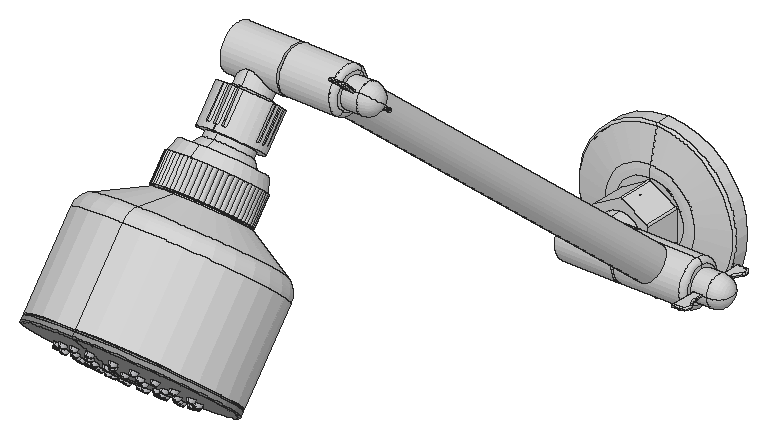
Revit family "Reece_Shower_Base_All Directional Shower", category Plumbing Fixtures, Revit 2018
Family settings
  Round Connector Dimension = Use Diameter
  Part Type = Normal
  Work Plane-Based = Yes
  Always vertical = Yes
  Cut with Voids When Loaded = Yes
  Shared = Yes
  Room Calculation Point = Yes
Parameters
  URL = "www.reece.com.au/product/-9504688"
  Type Comments = "Shower"
  Reece_Shower_Inlet = 15 mm  # constant formula
  Reece_Rotation [instance] = if(Reece_Showerhead_Rotation < 20.00°, 20.00°, if(Reece_Showerhead_Rotation > 180.00°, Reece_Showerhead_Rotation, Reece_Showerhead_Rotation))  # 130.00°
  Reece_Showerhead_Rotation [instance] = 130.00°
  Reece_Product_Web Page = "www.reece.com.au/product/-9504688"
  Reece_Product_Type = "Shower"  # constant formula
  Reece_Product_Sub Brand = "-"
  Reece_Product_Number = "9504688"
  Reece_Product_Mount = "Wall Mounted"
  Reece_Product_Description = "Base All Directional Shower Chrome (3 Star)"
  Reece_Product_Brand = "Base"  # constant formula
  Reece_Overall_Length = 226 mm  # constant formula
  Reece_Overall_Diameter = 78 mm  # constant formula
  Reece_Material_Secondary = Reece_Plastic_White
  Reece_Material_Main = Reece_Brass_Chrome
  Reece_Material_Colour = Reece_Plastic_ABS
  Reece_Height_From_Level [instance] = 1200 mm
  Reece_Detail_Shape = ""
  Reece_Detail_Installation = "Wall Mounted"  # constant formula
  Reece_Detail_Disclaimer = "THIS FILE IS THE PROPERTY OF THE REECE GROUP. IT MAY NOT BE REPRODUCED, REVERSE-ENGINEERED OR MODIFIED. ANY REPUBLICATION, TRANSMISSION OR DISTRIBUTION FOR THE PURPOSE OF COMMERCIALLY EXPLOITING THE FILES IS PROHIBITED."  # constant formula
  Reece_Detail_Additional = ""
  Model = "-"
  Manufacturer = "Base"
  Keynote = "Product #9504688, Reece_Shower_Base_All Directional Shower -  "
  Disclaimer = "THIS FILE IS THE PROPERTY OF THE REECE GROUP. IT MAY NOT BE REPRODUCED, REVERSE-ENGINEERED OR MODIFIED. ANY REPUBLICATION, TRANSMISSION OR DISTRIBUTION FOR THE PURPOSE OF COMMERCIALLY EXPLOITING THE FILES IS PROHIBITED."  # constant formula
  Description = "Base All Directional Shower Chrome (3 Star)"
  Default Elevation = 0 mm
Reference planes
  plane 1 "Center (Front/Back)": y = 0
  plane 2 "Height From Floor": z = 1200
  plane 3 "Center (Left/Right)": x = 0
  plane 4 "Bottom Of Invisible Line": z = -5
  plane 5 "Junction 1": y = -35
  plane 6 "Rail 1": x = 24
  plane 7 "Rail Rotation 3": y = -38
  plane 8: x = -38.984
  plane 9: x = 39.016
Forms (mm)
  Revolve 1, solid, material "Reece_Brass_Chrome" <- "Reece_Material_Main"
    sketch origin (0, 0, 0) x (0, 1, 0) y (0, 0, 1)
      loop
        line (0, 1207.25) -> (0, 1232.5) -> (-5.504, 1232.5)
        arc (-5.504, 1232.5) -> (-6.127, 1232.282) -> (-6.479, 1231.724) r 1
        line (-6.479, 1231.724) -> (-9.494, 1218.583)
        arc (-9.494, 1218.583) -> (-9.873, 1216.361) -> (-10, 1214.111) r 20
        line (-10, 1214.111) -> (-10, 1208.25) -> (-35, 1208.25) -> (-35, 1200) -> (-34, 1200) -> (-34, 1207.25) -> (-9, 1207.25) -> (-9, 1213.611)
        arc (-9, 1213.611) -> (-8.879, 1215.749) -> (-8.519, 1217.859) r 19
        line (-8.519, 1217.859) -> (-5.39, 1231.5) -> (-1, 1231.5) -> (-1, 1207.25) -> (0, 1207.25)
      axis (0, 1200) -> (-35, 1200)
    angle from 0 to 360
  Revolve 2, solid, material "Reece_Brass_Chrome" <- "Reece_Material_Main"
    sketch origin (24, -208.126, 1345.27) x (0, 0.766044, -0.642788) y (0, -0.642788, -0.766044)
      loop
        line (226, 0) -> (3, 0) -> (3, -7) -> (226, -7) -> (226, 0)
      axis (3, 0) -> (226, 0)
    angle from 0 to 360
  Revolve 3, solid, material "Reece_Brass_Chrome" <- "Reece_Material_Main"
    sketch origin (0, -208.126, 1345.27) x (0, -0.642788, -0.766044) y (0, 0.766044, -0.642788)
      loop
        line (0, -6) -> (0, -7) -> (12, -7) -> (13.092, -10) -> (13.092, -6) -> (0, -6)
      axis (0, 0) -> (13.092, 0)
    angle from 0 to 360
  Revolve 4, solid, material "Reece_Brass_Chrome" <- "Reece_Material_Main"
    sketch origin (-12, -35, 1200) x (1, 0, 0) y (0, 0, 1)
      loop
        line (0, 0) -> (53.516, 0) -> (53.516, 7.25)
        arc (53.516, 7.25) -> (52.93, 8.664) -> (51.516, 9.25) r 2
        line (51.516, 9.25) -> (24.4, 9.25) -> (24.4, 8.25) -> (23.432, 8.25) -> (23.432, 9.25) -> (0, 9.25) -> (0, 8.25) -> (1.186, 8.25) -> (1.186, 7.45) -> (0, 7.45) -> (0, 0)
      axis (0, 0) -> (53.516, 0)
    angle from 0 to 360
  Revolve 5, solid, material "Reece_Brass_Chrome" <- "Reece_Material_Main"
    sketch origin (24, -208.126, 1345.27) x (-1, 0, 0) y (0, 0.642788, 0.766044)
      loop
        line (36, 0) -> (36, 7.45) -> (34.814, 7.45) -> (34.814, 8.25) -> (36, 8.25) -> (36, 9.25) -> (12.568, 9.25) -> (12.568, 8.25) -> (11.6, 8.25) -> (11.6, 9.25) -> (-9, 9.25)
        arc (-9, 9.25) -> (-10.414, 8.664) -> (-11, 7.25) r 2
        line (-11, 7.25) -> (-11, 0) -> (36, 0)
      axis (36, 0) -> (-11, 0)
    angle from 0 to 360
  Revolve 6, solid, material "Reece_Brass_Chrome" <- "Reece_Material_Main"
    sketch origin (-12, -35, 1200) x (0, -1, 0) y (1, 0, 0)
      loop
        line (-6, 53.516) -> (0, 53.516) -> (0, 66.326)
        arc (0, 66.326) -> (-4.243, 64.568) -> (-6, 60.326) r 6
        line (-6, 60.326) -> (-6, 53.516)
      axis (0, 53.516) -> (0, 66.326)
    angle from 0 to 360
  Revolve 7, solid, material "Reece_Brass_Chrome" <- "Reece_Material_Main"
    sketch origin (24, -208.126, 1345.27) x (-1, 0, 0) y (0, -0.766044, 0.642788)
      loop
        line (-10.985, -6) -> (-10.985, 0) -> (-23.81, 0)
        arc (-23.81, 0) -> (-22.053, -4.243) -> (-17.81, -6) r 6
        line (-17.81, -6) -> (-10.985, -6)
      axis (-10.985, 0) -> (-23.81, 0)
    angle from 0 to 360
  Extrusion 8, solid, material "Reece_Brass_Chrome" <- "Reece_Material_Main"
    sketch origin (0, 0, 0) x (1, 0, 0) y (0, 0, 1)
      loop
        line (-0.5, 1212.911) -> (-10.932, 1206.889)
        arc (-10.932, 1206.889) -> (-11.298, 1206.523) -> (-11.432, 1206.023) r 1
        line (-11.432, 1206.023) -> (-11.432, 1193.977)
        arc (-11.432, 1193.977) -> (-11.298, 1193.477) -> (-10.932, 1193.111) r 1
        line (-10.932, 1193.111) -> (-0.5, 1187.089)
        arc (-0.5, 1187.089) -> (0, 1186.955) -> (0.5, 1187.089) r 1
        line (0.5, 1187.089) -> (10.932, 1193.111)
        arc (10.932, 1193.111) -> (11.298, 1193.477) -> (11.432, 1193.977) r 1
        line (11.432, 1193.977) -> (11.432, 1206.023)
        arc (11.432, 1206.023) -> (11.298, 1206.523) -> (10.932, 1206.889) r 1
        line (10.932, 1206.889) -> (0.5, 1212.911)
        arc (0.5, 1212.911) -> (0, 1213.045) -> (-0.5, 1212.911) r 1
      loop
        circle (0, 1200) r 8.25
    from 10 to 25
  Sweep 9, solid, material "Reece_Brass_Chrome" <- "Reece_Material_Main"
    path origin (-12, -35, 1200) x (0, -1, 0) y (1, 0, 0)
      loop
        line (17.188, 54.826) -> (16.99, 58.265)
        arc (16.99, 58.265) -> (15.924, 60.172) -> (13.766, 60.513) r 2.5
        arc (13.766, 60.513) -> (13.253, 60.292) -> (12.802, 59.962) r 2.5
        arc (12.802, 59.962) -> (11.234, 58.985) -> (9.419, 58.644) r 5
        line (9.419, 58.644) -> (-9.419, 58.644)
        arc (-9.419, 58.644) -> (-11.234, 58.985) -> (-12.802, 59.962) r 5
        arc (-12.802, 59.962) -> (-13.253, 60.292) -> (-13.766, 60.513) r 2.5
        arc (-13.766, 60.513) -> (-15.924, 60.172) -> (-16.99, 58.265) r 2.5
        line (-16.99, 58.265) -> (-17.188, 54.826) -> (17.188, 54.826)
    profile origin (42.826, -35, 1200) x (-1, 0, 0) y (0, 0, 1)
      loop
        line (-0.5, 0.5) -> (-1.332, 0.5) -> (-1.332, -0.5) -> (-0.5, -0.5)
        arc (-0.5, -0.5) -> (-0.146, -0.354) -> (0, 0) r 0.5
        arc (0, 0) -> (-0.146, 0.354) -> (-0.5, 0.5) r 0.5
  Extrusion 10, solid, material "Reece_Brass_Chrome" <- "Reece_Material_Main"
    sketch origin (-12, -35, 1200) x (0, -1, 0) y (-1, 0, 0)
      loop
        line (-16.307, -55.657) -> (-16.122, -58.152)
        arc (-16.122, -58.152) -> (-15.117, -59.449) -> (-13.515, -59.095) r 1.534
        arc (-13.515, -59.095) -> (-12.88, -58.573) -> (-12.18, -58.142) r 6.013
        line (-12.18, -58.142) -> (12.18, -58.142)
        arc (12.18, -58.142) -> (12.88, -58.573) -> (13.515, -59.095) r 6.013
        arc (13.515, -59.095) -> (15.117, -59.449) -> (16.122, -58.152) r 1.534
        line (16.122, -58.152) -> (16.307, -55.657) -> (-16.307, -55.657)
    from -0.5 to 0.5
  Sweep 11, solid, material "Reece_Brass_Chrome" <- "Reece_Material_Main"
    path origin (24, -208.126, 1345.27) x (-1, 0, 0) y (0, -0.766044, 0.642788)
      loop
        line (-12.295, 17.188) -> (-15.735, 16.99)
        arc (-15.735, 16.99) -> (-17.641, 15.924) -> (-17.983, 13.766) r 2.5
        arc (-17.983, 13.766) -> (-17.761, 13.253) -> (-17.432, 12.802) r 2.5
        arc (-17.432, 12.802) -> (-16.454, 11.234) -> (-16.113, 9.419) r 5
        line (-16.113, 9.419) -> (-16.113, -9.419)
        arc (-16.113, -9.419) -> (-16.454, -11.234) -> (-17.432, -12.802) r 5
        arc (-17.432, -12.802) -> (-17.761, -13.253) -> (-17.983, -13.766) r 2.5
        arc (-17.983, -13.766) -> (-17.641, -15.924) -> (-15.735, -16.99) r 2.5
        line (-15.735, -16.99) -> (-12.295, -17.188) -> (-12.295, 17.188)
    profile origin (36.295, -208.126, 1345.27) x (-1, 0, 0) y (0, 0.642788, 0.766044)
      loop
        line (-0.5, 0.5) -> (-1.332, 0.5) -> (-1.332, -0.5) -> (-0.5, -0.5)
        arc (-0.5, -0.5) -> (-0.146, -0.354) -> (0, 0) r 0.5
        arc (0, 0) -> (-0.146, 0.354) -> (-0.5, 0.5) r 0.5
  Extrusion 12, solid, material "Reece_Brass_Chrome" <- "Reece_Material_Main"
    sketch origin (24, -208.126, 1345.27) x (-1, 0, 0) y (0, -0.766044, 0.642788)
      loop
        line (-13.126, -16.307) -> (-13.126, 16.307) -> (-15.621, 16.122)
        arc (-15.621, 16.122) -> (-16.918, 15.117) -> (-16.564, 13.515) r 1.534
        arc (-16.564, 13.515) -> (-16.042, 12.88) -> (-15.612, 12.18) r 6.013
        line (-15.612, 12.18) -> (-15.612, -12.18)
        arc (-15.612, -12.18) -> (-16.042, -12.88) -> (-16.564, -13.515) r 6.013
        arc (-16.564, -13.515) -> (-16.918, -15.117) -> (-15.621, -16.122) r 1.534
        line (-15.621, -16.122) -> (-13.126, -16.307)
    from -0.5 to 0.5
Cuts and joins
  joined: Revolve 1, Revolve 2, Revolve 3, Revolve 4, Revolve 5, Extrusion 8
  joined: Revolve 6, Sweep 9, Extrusion 10
  joined: Revolve 7, Sweep 11, Extrusion 12
Lines and regions (mm)
  model lines, style "InvisibleLines"
    curve 1: line (0, 0, -5) -> (0, 0, 1200)
  reference lines
    curve 2: line (24, -208.126, 1345.27) -> (24, -35, 1200)
    curve 3: line (24, -208.126, 1345.27) -> (0, -208.126, 1345.27)
    curve 4: line (0, -208.126, 1345.27) -> (0, -218.47, 1332.943)
    curve 5: line (-12, -35, 1200) -> (41.516, -35, 1200)
Text (mm)
  text "Reece ©" at (2710.588, -2573.207, 2733.017), in view "Reece Preview"
  text "Reece Copyright © 2018, Reece Ltd." at (-211.989, -281.821, 0), in view "Ref. Level"
Dimensions and locks
  locked: level to plane 4 "Bottom Of Invisible Line" at 5
  curve 5 to curve 4 = 226 mm  (x2)
  "Reece_Overall_Diameter": plane 8 to plane 9
  "Reece_Height_From_Level": plane 2 "Height From Floor" to level
  level to plane 2 "Height From Floor" = 1200 mm
  plane 2 "Height From Floor" to level = 1200 mm
  "Reece_Overall_Diameter": plane 9 to plane 8
  nested 1 to nested 1 = 101.232 mm
  nested 1 to nested 1 = 77.969 mm  (x2)
  cut or joined group of Revolve 1, Revolve 2, Revolve 3, Revolve 4, Revolve 5, Extrusion 8 to nested 1 = 101.232 mm
  "Reece_Rotation": angle plane 7 "Rail Rotation 3" to curve 2
  aligned and locked: plane 2 "Height From Floor" to curve 1
  aligned and locked: plane 4 "Bottom Of Invisible Line" to curve 1
  aligned and locked: plane 3 "Center (Left/Right)" to curve 1
  aligned and locked: Revolve 1 sketch curve to plane 2 "Height From Floor"
Automatic sketch dimensions
  Revolve 1 sketch curve to plane 2 "Height From Floor" = 0 mm
  Revolve 1 sketch curve to plane 5 "Junction 1" = 0 mm
  Revolve 1 sketch curve to plane 1 "Center (Front/Back)" = 0 mm
  Revolve 1 sketch curve to plane 5 "Junction 1" = 1 mm
  plane 1 "Center (Front/Back)" to Revolve 1 sketch curve = 10 mm
  Revolve 1 sketch curve to Revolve 1 sketch curve = 0.506 mm
  Revolve 1 sketch curve to Revolve 1 sketch curve = 1 mm  (x2)
  Revolve 1 sketch curve to Revolve 1 sketch curve = 0.975 mm  (x2)
  plane 1 "Center (Front/Back)" to Revolve 1 sketch curve = 6.479 mm
  Revolve 1 sketch curve to Revolve 1 sketch curve = 0.115 mm
  plane 1 "Center (Front/Back)" to Revolve 1 sketch curve = 1 mm
  Revolve 1 sketch curve to plane 1 "Center (Front/Back)" = 10 mm
  Revolve 1 sketch curve to Revolve 1 sketch curve = 0 mm  (x2)
  plane 2 "Height From Floor" to Revolve 1 sketch curve = 7.25 mm  (x2)
  Revolve 1 sketch curve to Revolve 1 sketch curve = 6.361 mm
  Revolve 1 sketch curve to Revolve 1 sketch curve = 0.5 mm
  Revolve 1 sketch curve to Revolve 1 sketch curve = 12.917 mm
  Revolve 1 sketch curve to Revolve 1 sketch curve = 0.224 mm
  Revolve 1 sketch curve to Revolve 1 sketch curve = 130 mm
  Revolve 2 sketch curve to curve 2 = 0 mm  (x4)
  Revolve 2 sketch curve to curve 2 = 7 mm
  curve 2 to Revolve 2 sketch curve = 3 mm
  curve 2 to Revolve 2 sketch curve = 17.5 mm
  curve 3 to curve 2 = 0 mm  (x2)
  curve 2 to curve 3 = 24 mm
  curve 5 to plane 2 "Height From Floor" = 0 mm
  plane 9 to curve 5 = 2.5 mm
  curve 5 to plane 3 "Center (Left/Right)" = 12 mm
  curve 4 to curve 3 = 0 mm  (x2)
  curve 4 to curve 3 = 16.092 mm
  Revolve 3 sketch curve to curve 4 = 0 mm  (x3)
  Revolve 3 sketch curve to curve 4 = 7 mm
  Revolve 3 sketch curve to curve 4 = 6 mm
  Revolve 3 sketch curve to curve 4 = 4.092 mm
  Revolve 3 sketch curve to Revolve 3 sketch curve = 1.092 mm
  Revolve 3 sketch curve to curve 4 = 10 mm
  Revolve 3 sketch curve to curve 4 = 5 mm
  Revolve 4 sketch curve to curve 5 = 0 mm  (x5)
  curve 5 to Revolve 4 sketch curve = 7.25 mm
  curve 5 to Revolve 4 sketch curve = 7.45 mm
  curve 5 to Revolve 4 sketch curve = 8.25 mm
  curve 5 to Revolve 4 sketch curve = 9.25 mm
  curve 5 to Revolve 4 sketch curve = 1.186 mm
  Revolve 4 sketch curve to Revolve 4 sketch curve = 22.245 mm
  Revolve 4 sketch curve to Revolve 4 sketch curve = 0.968 mm
  Revolve 4 sketch curve to curve 5 = 2 mm
  Revolve 4 sketch curve to Revolve 4 sketch curve = 1 mm
  Revolve 4 sketch curve to Revolve 4 sketch curve = 3 mm
  curve 5 to Revolve 4 sketch curve = 5 mm
  curve 3 to Revolve 5 sketch curve = 0 mm  (x2)
  Revolve 5 sketch curve to curve 3 = 11 mm
  Revolve 5 sketch curve to Revolve 5 sketch curve = 2 mm
  curve 3 to Revolve 5 sketch curve = 11.6 mm
  Revolve 5 sketch curve to Revolve 5 sketch curve = 0.968 mm
  curve 3 to Revolve 5 sketch curve = 10.814 mm
  Revolve 5 sketch curve to Revolve 5 sketch curve = 1.186 mm
  Revolve 5 sketch curve to Revolve 5 sketch curve = 0 mm  (x2)
  Revolve 5 sketch curve to curve 3 = 7.25 mm
  Revolve 5 sketch curve to curve 3 = 7.45 mm
  Revolve 5 sketch curve to Revolve 5 sketch curve = 0.8 mm
  Revolve 5 sketch curve to Revolve 5 sketch curve = 1 mm
  Revolve 5 sketch curve to Revolve 5 sketch curve = 5 mm
  Revolve 5 sketch curve to Revolve 5 sketch curve = 3 mm
  Revolve 6 sketch curve to curve 5 = 6 mm
  curve 5 to Revolve 6 sketch curve = 0 mm  (x2)
  Revolve 6 sketch curve to curve 5 = 0 mm
  curve 5 to Revolve 6 sketch curve = 6.81 mm
  curve 5 to Revolve 6 sketch curve = 1.186 mm
  Revolve 6 sketch curve to Revolve 6 sketch curve = 0 mm
  curve 3 to Revolve 7 sketch curve = 0 mm  (x2)
  Revolve 7 sketch curve to curve 3 = 23.81 mm
  Revolve 7 sketch curve to Revolve 7 sketch curve = 6 mm
  Revolve 7 sketch curve to Revolve 7 sketch curve = 6.825 mm
  Revolve 7 sketch curve to Revolve 7 sketch curve = 0 mm
  curve 3 to Revolve 7 sketch curve = 10.814 mm
  Extrusion 8 sketch curve to Extrusion 8 sketch curve = 0 mm  (x2)
  Extrusion 8 sketch curve to plane 3 "Center (Left/Right)" = 0 mm  (x3)
  Extrusion 8 sketch curve to plane 2 "Height From Floor" = 0 mm
  Extrusion 8 sketch curve to plane 3 "Center (Left/Right)" = 0.5 mm  (x2)
  Extrusion 8 sketch curve to plane 3 "Center (Left/Right)" = 10.432 mm  (x2)
  plane 2 "Height From Floor" to Extrusion 8 sketch curve = 6.889 mm  (x2)
  Extrusion 8 sketch curve to Extrusion 8 sketch curve = 0.5 mm  (x5)
  Extrusion 8 sketch curve to plane 2 "Height From Floor" = 6.889 mm  (x2)
  plane 3 "Center (Left/Right)" to Extrusion 8 sketch curve = 0.5 mm  (x2)
  plane 3 "Center (Left/Right)" to Extrusion 8 sketch curve = 10.432 mm  (x2)
  Extrusion 8 sketch curve to Extrusion 8 sketch curve = 1 mm
  Extrusion 8 sketch curve to plane 2 "Height From Floor" = 12.045 mm
  Extrusion 8 sketch curve to Extrusion 8 sketch curve = 0.866 mm  (x2)
  Extrusion 8 sketch curve to Extrusion 8 sketch curve = 6.023 mm
  Extrusion 8 sketch curve to Extrusion 8 sketch curve = 3.795 mm
  Sweep 9 sketch curve to Sweep 9 sketch curve = 0 mm  (x7)
  Sweep 9 sketch curve to curve 5 = 17.188 mm
  Sweep 9 sketch curve to Sweep 9 sketch curve = 0.198 mm
  Sweep 9 sketch curve to Sweep 9 sketch curve = 2.496 mm  (x2)
  Sweep 9 sketch curve to Sweep 9 sketch curve = 5.075 mm
  curve 5 to Sweep 9 sketch curve = 9.419 mm
  curve 5 to Sweep 9 sketch curve = 14.494 mm
  curve 5 to Sweep 9 sketch curve = 17.188 mm
  curve 5 to Sweep 9 sketch curve = 1.31 mm
  Sweep 9 sketch curve to Sweep 9 sketch curve = 3.296 mm  (x2)
  Sweep 9 sketch curve to Sweep 9 sketch curve = 0.144 mm  (x2)
  Sweep 9 sketch curve to Sweep 9 sketch curve = 0.522 mm
  Sweep 9 sketch curve to Sweep 9 sketch curve = 5 mm  (x2)
  Sweep 9 sketch curve to Sweep 9 sketch curve = 0.964 mm  (x2)
  Sweep 9 sketch curve to profile plane = 0 mm  (x2)
  profile plane to Sweep 9 sketch curve = 0.5 mm
  Sweep 9 sketch curve to Sweep 9 sketch curve = 0.832 mm
  Extrusion 10 sketch curve to curve 5 = 16.307 mm
  Extrusion 10 sketch curve to Extrusion 10 sketch curve = 0.184 mm
  Extrusion 10 sketch curve to Extrusion 10 sketch curve = 1.527 mm  (x2)
  Extrusion 10 sketch curve to Extrusion 10 sketch curve = 2.416 mm  (x2)
  Extrusion 10 sketch curve to Extrusion 10 sketch curve = 2.794 mm
  curve 5 to Extrusion 10 sketch curve = 9.386 mm
  curve 5 to Extrusion 10 sketch curve = 12.18 mm
  curve 5 to Extrusion 10 sketch curve = 16.307 mm
  curve 5 to Extrusion 10 sketch curve = 2.142 mm
  Extrusion 10 sketch curve to Extrusion 10 sketch curve = 2.35 mm  (x2)
  Extrusion 10 sketch curve to Extrusion 10 sketch curve = 0.135 mm
  Extrusion 10 sketch curve to Extrusion 10 sketch curve = 0.145 mm  (x2)
  Extrusion 10 sketch curve to Extrusion 10 sketch curve = 5.324 mm  (x2)
  Sweep 11 sketch curve to Sweep 11 sketch curve = 0 mm  (x8)
  Sweep 11 sketch curve to curve 3 = 9.419 mm
  Sweep 11 sketch curve to curve 3 = 21.113 mm
  Sweep 11 sketch curve to Sweep 11 sketch curve = 5 mm
  Sweep 11 sketch curve to Sweep 11 sketch curve = 0.379 mm  (x2)
  Sweep 11 sketch curve to Sweep 11 sketch curve = 0.144 mm  (x2)
  Sweep 11 sketch curve to Sweep 11 sketch curve = 3.44 mm
  curve 3 to Sweep 11 sketch curve = 9.419 mm
  Sweep 11 sketch curve to Sweep 11 sketch curve = 5.075 mm  (x2)
  Sweep 11 sketch curve to Sweep 11 sketch curve = 2.496 mm  (x2)
  Sweep 11 sketch curve to Sweep 11 sketch curve = 0.198 mm  (x2)
  Sweep 11 sketch curve to Sweep 11 sketch curve = 0.551 mm  (x2)
  profile plane to Sweep 11 sketch curve = 0 mm
  Sweep 11 sketch curve to profile plane = 0 mm
  profile plane to Sweep 11 sketch curve = 0.5 mm
  Sweep 11 sketch curve to Sweep 11 sketch curve = 0.832 mm
  Extrusion 12 sketch curve to curve 3 = 9.386 mm
  Extrusion 12 sketch curve to curve 3 = 20.936 mm
  curve 3 to Extrusion 12 sketch curve = 9.386 mm
  Extrusion 12 sketch curve to Extrusion 12 sketch curve = 0 mm
  Extrusion 12 sketch curve to Extrusion 12 sketch curve = 5.315 mm  (x2)
  Extrusion 12 sketch curve to Extrusion 12 sketch curve = 0.009 mm
  Extrusion 12 sketch curve to Extrusion 12 sketch curve = 0.145 mm  (x2)
  Extrusion 12 sketch curve to Extrusion 12 sketch curve = 2.494 mm
  Extrusion 12 sketch curve to Extrusion 12 sketch curve = 2.794 mm  (x2)
  Extrusion 12 sketch curve to Extrusion 12 sketch curve = 2.416 mm  (x2)
  Extrusion 12 sketch curve to Extrusion 12 sketch curve = 1.527 mm  (x2)
  Extrusion 12 sketch curve to Extrusion 12 sketch curve = 0.184 mm  (x2)
  plane 5 "Junction 1" to Revolve 1 sketch curve = 1842 mm
  curve 2 to plane 2 "Height From Floor" = 0 mm
  curve 2 to plane 5 "Junction 1" = 0 mm
Nested families
  nested 1: "Reece_Shower_Base_Overhead Shower_Nested" at (3.5, -213.86, 1332.991) x (0, -0.766, 0.6428) z (0, -0.6428, -0.766), Reece_Material_Secondary <- "Reece_Material_Secondary", Reece_Material_Main <- "Reece_Material_Main", Reece_Material_Colour <- "Reece_Material_Colour", type "Reece_Shower_Base_Overhead Shower_Nested"
    with Reece_Material_Secondary Reece_Plastic_White, Reece_Material_Main Reece_Brass_Chrome, Reece_Material_Colour Reece_Plastic_ABS
Connectors
  piping at (0, 0, 1200), diameter 15, driven by "Reece_Shower_Inlet"
    settings: on cut or joined group of Revolve 1, Revolve 2, Revolve 3, Revolve 4, Revolve 5, Extrusion 8, index 1, connector inside diameter 609.6 mm, connector length 0 mm, flow factor 0, pipe flow 0.0 L/s, pressure drop 0.0 Pa, fitting loss kfactor 0, connector angle 0.00°, fixture units 0, engagement length 0 mm, angle of deflection 0.00°, flow configuration 0, flow direction 1, fitting loss method 0, system type 29, joint type 0, gender type 0, connector reference index -1, connector utility 0, adjustable connector no, is connector primary yes, connector description ""
Definition of nested family "Reece_Shower_Base_Overhead Shower_Nested"
  Parameters (values of type "Reece_Shower_Base_Overhead Shower_Nested")
    Waste Connection = no
    WFU = 0
    Vent Connection = no
    URL = ""
    Type Comments = ""
    Reece_Material_Secondary [instance] = none
    Reece_Material_Main [instance] = none
    Reece_Material_Colour [instance] = none
    Model = ""
    Manufacturer = ""
    Keynote = ""
    HWFU = 0
    HW Connection = no
    Description = ""
    Default Elevation = 0 mm
    Cost = 0
    CWFU = 0
    CW Connection = no
    Assembly Code = ""
  Reference planes
    plane 1 "Center (Front/Back)": y = 3.5
    plane 2: z = 0
    plane 3 "Center (Left/Right)": x = 3.5
    plane 4: x = 42.484
    plane 5: y = 42.484
    plane 6: y = -35.484
    plane 7: x = -35.484
    plane 8: z = 101.232
  Forms (mm)
    Extrusion 1, solid
      sketch origin (619.2, 20, 0) x (1, 0, 0) y (0, 1, 0)
        loop
          line (-843.153, 203.827) -> (-843.153, -206.911) -> (-435.255, -206.911) -> (-435.255, 203.827) -> (-843.153, 203.827)
      from 0 to -35.776
    Revolve 2, solid, material <- "Reece_Material_Main"
      sketch origin (0, 3.5, 0) x (1, 0, 0) y (0, 0, 1)
        loop
          line (-8.799, 0) -> (3.5, 0) -> (3.5, 27.36) -> (-14.399, 27.361) -> (-12.599, 22.061) -> (-8.145, 22.061)
          arc (-8.145, 22.061) -> (-6.978, 20.144) -> (-5.499, 18.456) r 13
          line (-5.499, 18.456) -> (-5.499, 16.001) -> (-8.799, 16.001) -> (-8.799, 0)
        axis (3.5, 27.361) -> (3.5, 0)
      angle from 0 to 360
    Extrusion 3, void
      sketch origin (0, 3.5, 0) x (1, 0, 0) y (0, 0, 1)
        loop
          line (-0.732, 13.601) -> (-0.732, 0) -> (1.392, 0) -> (1.392, 13.601) -> (-0.732, 13.601)
        loop
          line (2.401, 13.601) -> (2.401, 0) -> (4.6, 0) -> (4.6, 13.601) -> (2.401, 13.601)
        loop
          line (5.609, 13.601) -> (5.609, 0) -> (7.629, 0) -> (7.629, 13.601) -> (5.609, 13.601)
      from 11.323 to 14.311
    Extrusion 4, void
      sketch origin (0, 3.5, 0) x (1, 0, 0) y (0, 0, -1)
        loop
          line (-0.732, -13.601) -> (1.392, -13.601) -> (1.392, 0) -> (-0.732, 0) -> (-0.732, -13.601)
        loop
          line (2.401, -13.601) -> (4.6, -13.601) -> (4.6, 0) -> (2.401, 0) -> (2.401, -13.601)
        loop
          line (5.609, -13.601) -> (7.629, -13.601) -> (7.629, 0) -> (5.609, 0) -> (5.609, -13.601)
      from 11.323 to 14.311
    Extrusion 5, void
      sketch origin (3.431, 6.948, 0) x (0, -1, 0) y (0, 0, 1)
        loop
          line (-0.732, 13.601) -> (-0.732, 0) -> (1.392, 0) -> (1.392, 13.601) -> (-0.732, 13.601)
        loop
          line (2.401, 13.601) -> (2.401, 0) -> (4.6, 0) -> (4.6, 13.601) -> (2.401, 13.601)
        loop
          line (5.609, 13.601) -> (5.609, 0) -> (7.629, 0) -> (7.629, 13.601) -> (5.609, 13.601)
      from 11.323 to 14.311
    Extrusion 6, void
      sketch origin (3.569, 6.948, 0) x (0, -1, 0) y (0, 0, -1)
        loop
          line (-0.732, -13.601) -> (1.392, -13.601) -> (1.392, 0) -> (-0.732, 0) -> (-0.732, -13.601)
        loop
          line (2.401, -13.601) -> (4.6, -13.601) -> (4.6, 0) -> (2.401, 0) -> (2.401, -13.601)
        loop
          line (5.609, -13.601) -> (7.629, -13.601) -> (7.629, 0) -> (5.609, 0) -> (5.609, -13.601)
      from 11.323 to 14.311
    Revolve 7, solid, material <- "Reece_Material_Main", detail levels coarse+medium
      sketch origin (0, 3.5, 0) x (1, 0, 0) y (0, 0, 1)
        loop
          line (-14.898, 27.361) -> (3.5, 27.361) -> (3.5, 39.361) -> (-14.898, 39.361) -> (-14.898, 27.361)
        axis (3.5, 39.361) -> (3.5, 27.361)
      angle from 0 to 360
    Revolve 8, solid, material <- "Reece_Material_Main"
      sketch origin (0, 3.5, 0) x (1, 0, 0) y (0, 0, 1)
        loop
          line (-15.024, 40.161) -> (-11.998, 40.161) -> (-11.998, 39.361) -> (3.5, 39.361) -> (3.5, 94.273) -> (-35.498, 94.273) -> (-35.498, 56.504)
          arc (-35.498, 56.504) -> (-34.417, 52.489) -> (-31.467, 49.559) r 7.998
          line (-31.467, 49.559) -> (-15.024, 40.161)
        axis (3.5, 94.273) -> (3.5, 39.361)
      angle from 0 to 360
    Extrusion 9, void
      sketch origin (0, 0, 0) x (1, 0, 0) y (0, 1, 0)
        loop
          circle (3.5, 3.5) r 6
        loop
          circle (3.5, 3.5) r 5.8
      from 100.253 to 109.069
    Blend 10, solid, material <- "Reece_Material_Secondary", detail levels fine
      base sketch origin (0, 0, 0) x (1, 0, 0) y (0, 1, 0)
        loop
          circle (-9.679, 3.5) r 1.757
      top sketch origin (0, 0, 0) x (1, 0, 0) y (0, 1, 0)
        loop
          circle (-9.679, 3.5) r 1.151
      from 99.387 to 101.232
    Extrusion 11, void
      sketch origin (0, 0, 0) x (1, 0, 0) y (0, 1, 0)
        loop
          circle (-9.679, 3.5) r 0.802
      from 101.037 to 102.133
    Blend 12, solid, material <- "Reece_Material_Secondary", detail levels fine
      base sketch origin (1.985, -6.252, 0) x (1, 0, 0) y (0, 1, 0)
        loop
          circle (-9.679, 3.5) r 1.757
      top sketch origin (1.985, -6.252, 0) x (1, 0, 0) y (0, 1, 0)
        loop
          circle (-9.679, 3.5) r 1.151
      from 99.387 to 101.232
    Extrusion 13, void
      sketch origin (1.985, -6.252, 0) x (1, 0, 0) y (0, 1, 0)
        loop
          circle (-9.679, 3.5) r 0.802
      from 101.037 to 102.133
    Blend 14, solid, material <- "Reece_Material_Secondary", detail levels fine
      base sketch origin (6.943, -11.131, 0) x (1, 0, 0) y (0, 1, 0)
        loop
          circle (-9.679, 3.5) r 1.757
      top sketch origin (6.943, -11.131, 0) x (1, 0, 0) y (0, 1, 0)
        loop
          circle (-9.679, 3.5) r 1.151
      from 99.387 to 101.232
    Extrusion 15, void
      sketch origin (6.943, -11.131, 0) x (1, 0, 0) y (0, 1, 0)
        loop
          circle (-9.679, 3.5) r 0.802
      from 101.037 to 102.133
    Blend 16, solid, material <- "Reece_Material_Secondary", detail levels fine
      base sketch origin (7, 0, 0) x (-1, 0, 0) y (0, -1, 0)
        loop
          circle (-9.679, -3.5) r 1.757
      top sketch origin (7, 0, 0) x (-1, 0, 0) y (0, -1, 0)
        loop
          circle (-9.679, -3.5) r 1.151
      from 99.387 to 101.232
    Extrusion 17, void
      sketch origin (7, 0, 0) x (-1, 0, 0) y (0, -1, 0)
        loop
          circle (-9.679, -3.5) r 0.802
      from 101.037 to 102.133
    Blend 18, solid, material <- "Reece_Material_Secondary", detail levels fine
      base sketch origin (5.015, -6.252, 0) x (-1, 0, 0) y (0, -1, 0)
        loop
          circle (-9.679, -3.5) r 1.757
      top sketch origin (5.015, -6.252, 0) x (-1, 0, 0) y (0, -1, 0)
        loop
          circle (-9.679, -3.5) r 1.151
      from 99.387 to 101.232
    Extrusion 19, void
      sketch origin (5.015, -6.252, 0) x (-1, 0, 0) y (0, -1, 0)
        loop
          circle (-9.679, -3.5) r 0.802
      from 101.037 to 102.133
    Blend 20, solid, material <- "Reece_Material_Secondary", detail levels fine
      base sketch origin (0.057, -11.131, 0) x (-1, 0, 0) y (0, -1, 0)
        loop
          circle (-9.679, -3.5) r 1.757
      top sketch origin (0.057, -11.131, 0) x (-1, 0, 0) y (0, -1, 0)
        loop
          circle (-9.679, -3.5) r 1.151
      from 99.387 to 101.232
    Extrusion 21, void
      sketch origin (0.057, -11.131, 0) x (-1, 0, 0) y (0, -1, 0)
        loop
          circle (-9.679, -3.5) r 0.802
      from 101.037 to 102.133
    Blend 22, solid, material <- "Reece_Material_Secondary", detail levels fine
      base sketch origin (5.015, 13.252, 0) x (-1, 0, 0) y (0, -1, 0)
        loop
          circle (-9.679, 3.5) r 1.757
      top sketch origin (5.015, 13.252, 0) x (-1, 0, 0) y (0, -1, 0)
        loop
          circle (-9.679, 3.5) r 1.151
      from 99.387 to 101.232
    Extrusion 23, void
      sketch origin (5.015, 13.252, 0) x (-1, 0, 0) y (0, -1, 0)
        loop
          circle (-9.679, 3.5) r 0.802
      from 101.037 to 102.133
    Blend 24, solid, material <- "Reece_Material_Secondary", detail levels fine
      base sketch origin (0.057, 18.131, 0) x (-1, 0, 0) y (0, -1, 0)
        loop
          circle (-9.679, 3.5) r 1.757
      top sketch origin (0.057, 18.131, 0) x (-1, 0, 0) y (0, -1, 0)
        loop
          circle (-9.679, 3.5) r 1.151
      from 99.387 to 101.232
    Extrusion 25, void
      sketch origin (0.057, 18.131, 0) x (-1, 0, 0) y (0, -1, 0)
        loop
          circle (-9.679, 3.5) r 0.802
      from 101.037 to 102.133
    Blend 26, solid, material <- "Reece_Material_Secondary", detail levels fine
      base sketch origin (1.985, 13.252, 0) x (1, 0, 0) y (0, 1, 0)
        loop
          circle (-9.679, -3.5) r 1.757
      top sketch origin (1.985, 13.252, 0) x (1, 0, 0) y (0, 1, 0)
        loop
          circle (-9.679, -3.5) r 1.151
      from 99.387 to 101.232
    Extrusion 27, void
      sketch origin (1.985, 13.252, 0) x (1, 0, 0) y (0, 1, 0)
        loop
          circle (-9.679, -3.5) r 0.802
      from 101.037 to 102.133
    Blend 28, solid, material <- "Reece_Material_Secondary", detail levels fine
      base sketch origin (6.943, 18.131, 0) x (1, 0, 0) y (0, 1, 0)
        loop
          circle (-9.679, -3.5) r 1.757
      top sketch origin (6.943, 18.131, 0) x (1, 0, 0) y (0, 1, 0)
        loop
          circle (-9.679, -3.5) r 1.151
      from 99.387 to 101.232
    Extrusion 29, void
      sketch origin (6.943, 18.131, 0) x (1, 0, 0) y (0, 1, 0)
        loop
          circle (-9.679, -3.5) r 0.802
      from 101.037 to 102.133
    Blend 30, solid, material <- "Reece_Material_Secondary", detail levels fine
      base sketch origin (13.182, -12.57, 0) x (1, 0, 0) y (0, 1, 0)
        loop
          circle (-9.679, 28.641) r 1.757
      top sketch origin (13.182, -12.57, 0) x (1, 0, 0) y (0, 1, 0)
        loop
          circle (-9.679, 28.641) r 1.151
      from 99.387 to 101.232
    Extrusion 31, void
      sketch origin (13.182, -12.57, 0) x (1, 0, 0) y (0, 1, 0)
        loop
          circle (-9.679, 28.641) r 0.802
      from 101.037 to 102.133
    Blend 32, solid, material <- "Reece_Material_Secondary", detail levels fine
      base sketch origin (13.182, 19.57, 0) x (1, 0, 0) y (0, 1, 0)
        loop
          circle (-9.679, -28.641) r 1.757
      top sketch origin (13.182, 19.57, 0) x (1, 0, 0) y (0, 1, 0)
        loop
          circle (-9.679, -28.641) r 1.151
      from 99.387 to 101.232
    Extrusion 33, void
      sketch origin (13.182, 19.57, 0) x (1, 0, 0) y (0, 1, 0)
        loop
          circle (-9.679, -28.641) r 0.802
      from 101.037 to 102.133
    Blend 34, solid, material <- "Reece_Material_Secondary", detail levels fine
      base sketch origin (12.96, -19.056, -0.979) x (1, 0, 0) y (0, 1, 0)
        loop
          circle (-9.679, -3.5) r 1.757
      top sketch origin (12.96, -19.056, -0.979) x (1, 0, 0) y (0, 1, 0)
        loop
          circle (-9.679, -3.5) r 1.151
      from 99.387 to 101.232
    Extrusion 35, void
      sketch origin (12.96, -19.056, -0.979) x (1, 0, 0) y (0, 1, 0)
        loop
          circle (-9.679, -3.5) r 0.802
      from 101.037 to 102.133
    Blend 36, solid, material <- "Reece_Material_Secondary", detail levels fine
      base sketch origin (13.253, 26.056, -0.979) x (1, 0, 0) y (0, 1, 0)
        loop
          circle (-9.679, 3.5) r 1.757
      top sketch origin (13.253, 26.056, -0.979) x (1, 0, 0) y (0, 1, 0)
        loop
          circle (-9.679, 3.5) r 1.151
      from 99.387 to 101.232
    Extrusion 37, void
      sketch origin (13.253, 26.056, -0.979) x (1, 0, 0) y (0, 1, 0)
        loop
          circle (-9.679, 3.5) r 0.802
      from 101.037 to 102.133
    Blend 38, solid, material <- "Reece_Material_Secondary", detail levels fine
      base sketch origin (4.91, 24.137, -0.979) x (1, 0, 0) y (0, 1, 0)
        loop
          circle (-9.679, 3.5) r 1.757
      top sketch origin (4.91, 24.137, -0.979) x (1, 0, 0) y (0, 1, 0)
        loop
          circle (-9.679, 3.5) r 1.151
      from 99.387 to 101.232
    Extrusion 39, void
      sketch origin (4.91, 24.137, -0.979) x (1, 0, 0) y (0, 1, 0)
        loop
          circle (-9.679, 3.5) r 0.802
      from 101.037 to 102.133
    Blend 40, solid, material <- "Reece_Material_Secondary", detail levels fine
      base sketch origin (-1.316, 20.098, -0.979) x (1, 0, 0) y (0, 1, 0)
        loop
          circle (-9.679, 3.5) r 1.757
      top sketch origin (-1.316, 20.098, -0.979) x (1, 0, 0) y (0, 1, 0)
        loop
          circle (-9.679, 3.5) r 1.151
      from 99.387 to 101.232
    Extrusion 41, void
      sketch origin (-1.316, 20.098, -0.979) x (1, 0, 0) y (0, 1, 0)
        loop
          circle (-9.679, 3.5) r 0.802
      from 101.037 to 102.133
    Blend 42, solid, material <- "Reece_Material_Secondary", detail levels fine
      base sketch origin (-6.729, 14.653, -0.979) x (1, 0, 0) y (0, 1, 0)
        loop
          circle (-9.679, 3.5) r 1.757
      top sketch origin (-6.729, 14.653, -0.979) x (1, 0, 0) y (0, 1, 0)
        loop
          circle (-9.679, 3.5) r 1.151
      from 99.387 to 101.232
    Extrusion 43, void
      sketch origin (-6.729, 14.653, -0.979) x (1, 0, 0) y (0, 1, 0)
        loop
          circle (-9.679, 3.5) r 0.802
      from 101.037 to 102.133
    Blend 44, solid, material <- "Reece_Material_Secondary", detail levels fine
      base sketch origin (-10.056, 8.086, -0.979) x (1, 0, 0) y (0, 1, 0)
        loop
          circle (-9.679, 3.5) r 1.757
      top sketch origin (-10.056, 8.086, -0.979) x (1, 0, 0) y (0, 1, 0)
        loop
          circle (-9.679, 3.5) r 1.151
      from 99.387 to 101.232
    Extrusion 45, void
      sketch origin (-10.056, 8.086, -0.979) x (1, 0, 0) y (0, 1, 0)
        loop
          circle (-9.679, 3.5) r 0.802
      from 101.037 to 102.133
    Blend 46, solid, material <- "Reece_Material_Secondary", detail levels fine
      base sketch origin (-11.832, 0.521, -0.979) x (1, 0, 0) y (0, 1, 0)
        loop
          circle (-9.679, 3.5) r 1.757
      top sketch origin (-11.832, 0.521, -0.979) x (1, 0, 0) y (0, 1, 0)
        loop
          circle (-9.679, 3.5) r 1.151
      from 99.387 to 101.232
    Extrusion 47, void
      sketch origin (-11.832, 0.521, -0.979) x (1, 0, 0) y (0, 1, 0)
        loop
          circle (-9.679, 3.5) r 0.802
      from 101.037 to 102.133
    Blend 48, solid, material <- "Reece_Material_Secondary", detail levels fine
      base sketch origin (2.09, 24.137, -0.979) x (-1, 0, 0) y (0, -1, 0)
        loop
          circle (-9.679, -3.5) r 1.757
      top sketch origin (2.09, 24.137, -0.979) x (-1, 0, 0) y (0, -1, 0)
        loop
          circle (-9.679, -3.5) r 1.151
      from 99.387 to 101.232
    Extrusion 49, void
      sketch origin (2.09, 24.137, -0.979) x (-1, 0, 0) y (0, -1, 0)
        loop
          circle (-9.679, -3.5) r 0.802
      from 101.037 to 102.133
    Blend 50, solid, material <- "Reece_Material_Secondary", detail levels fine
      base sketch origin (8.316, 20.098, -0.979) x (-1, 0, 0) y (0, -1, 0)
        loop
          circle (-9.679, -3.5) r 1.757
      top sketch origin (8.316, 20.098, -0.979) x (-1, 0, 0) y (0, -1, 0)
        loop
          circle (-9.679, -3.5) r 1.151
      from 99.387 to 101.232
    Extrusion 51, void
      sketch origin (8.316, 20.098, -0.979) x (-1, 0, 0) y (0, -1, 0)
        loop
          circle (-9.679, -3.5) r 0.802
      from 101.037 to 102.133
    Blend 52, solid, material <- "Reece_Material_Secondary", detail levels fine
      base sketch origin (13.729, 14.653, -0.979) x (-1, 0, 0) y (0, -1, 0)
        loop
          circle (-9.679, -3.5) r 1.757
      top sketch origin (13.729, 14.653, -0.979) x (-1, 0, 0) y (0, -1, 0)
        loop
          circle (-9.679, -3.5) r 1.151
      from 99.387 to 101.232
    Extrusion 53, void
      sketch origin (13.729, 14.653, -0.979) x (-1, 0, 0) y (0, -1, 0)
        loop
          circle (-9.679, -3.5) r 0.802
      from 101.037 to 102.133
    Blend 54, solid, material <- "Reece_Material_Secondary", detail levels fine
      base sketch origin (17.056, 8.086, -0.979) x (-1, 0, 0) y (0, -1, 0)
        loop
          circle (-9.679, -3.5) r 1.757
      top sketch origin (17.056, 8.086, -0.979) x (-1, 0, 0) y (0, -1, 0)
        loop
          circle (-9.679, -3.5) r 1.151
      from 99.387 to 101.232
    Extrusion 55, void
      sketch origin (17.056, 8.086, -0.979) x (-1, 0, 0) y (0, -1, 0)
        loop
          circle (-9.679, -3.5) r 0.802
      from 101.037 to 102.133
    Blend 56, solid, material <- "Reece_Material_Secondary", detail levels fine
      base sketch origin (18.832, 0.521, -0.979) x (-1, 0, 0) y (0, -1, 0)
        loop
          circle (-9.679, -3.5) r 1.757
      top sketch origin (18.832, 0.521, -0.979) x (-1, 0, 0) y (0, -1, 0)
        loop
          circle (-9.679, -3.5) r 1.151
      from 99.387 to 101.232
    Extrusion 57, void
      sketch origin (18.832, 0.521, -0.979) x (-1, 0, 0) y (0, -1, 0)
        loop
          circle (-9.679, -3.5) r 0.802
      from 101.037 to 102.133
    Blend 58, solid, material <- "Reece_Material_Secondary", detail levels fine
      base sketch origin (2.09, -17.137, -0.979) x (-1, 0, 0) y (0, -1, 0)
        loop
          circle (-9.679, 3.5) r 1.757
      top sketch origin (2.09, -17.137, -0.979) x (-1, 0, 0) y (0, -1, 0)
        loop
          circle (-9.679, 3.5) r 1.151
      from 99.387 to 101.232
    Extrusion 59, void
      sketch origin (2.09, -17.137, -0.979) x (-1, 0, 0) y (0, -1, 0)
        loop
          circle (-9.679, 3.5) r 0.802
      from 101.037 to 102.133
    Blend 60, solid, material <- "Reece_Material_Secondary", detail levels fine
      base sketch origin (8.316, -13.098, -0.979) x (-1, 0, 0) y (0, -1, 0)
        loop
          circle (-9.679, 3.5) r 1.757
      top sketch origin (8.316, -13.098, -0.979) x (-1, 0, 0) y (0, -1, 0)
        loop
          circle (-9.679, 3.5) r 1.151
      from 99.387 to 101.232
    Extrusion 61, void
      sketch origin (8.316, -13.098, -0.979) x (-1, 0, 0) y (0, -1, 0)
        loop
          circle (-9.679, 3.5) r 0.802
      from 101.037 to 102.133
    Blend 62, solid, material <- "Reece_Material_Secondary", detail levels fine
      base sketch origin (13.729, -7.653, -0.979) x (-1, 0, 0) y (0, -1, 0)
        loop
          circle (-9.679, 3.5) r 1.757
      top sketch origin (13.729, -7.653, -0.979) x (-1, 0, 0) y (0, -1, 0)
        loop
          circle (-9.679, 3.5) r 1.151
      from 99.387 to 101.232
    Extrusion 63, void
      sketch origin (13.729, -7.653, -0.979) x (-1, 0, 0) y (0, -1, 0)
        loop
          circle (-9.679, 3.5) r 0.802
      from 101.037 to 102.133
    Blend 64, solid, material <- "Reece_Material_Secondary", detail levels fine
      base sketch origin (17.056, -1.086, -0.979) x (-1, 0, 0) y (0, -1, 0)
        loop
          circle (-9.679, 3.5) r 1.757
      top sketch origin (17.056, -1.086, -0.979) x (-1, 0, 0) y (0, -1, 0)
        loop
          circle (-9.679, 3.5) r 1.151
      from 99.387 to 101.232
    Extrusion 65, void
      sketch origin (17.056, -1.086, -0.979) x (-1, 0, 0) y (0, -1, 0)
        loop
          circle (-9.679, 3.5) r 0.802
      from 101.037 to 102.133
    Blend 66, solid, material <- "Reece_Material_Secondary", detail levels fine
      base sketch origin (4.91, -17.137, -0.979) x (1, 0, 0) y (0, 1, 0)
        loop
          circle (-9.679, -3.5) r 1.757
      top sketch origin (4.91, -17.137, -0.979) x (1, 0, 0) y (0, 1, 0)
        loop
          circle (-9.679, -3.5) r 1.151
      from 99.387 to 101.232
    Extrusion 67, void
      sketch origin (4.91, -17.137, -0.979) x (1, 0, 0) y (0, 1, 0)
        loop
          circle (-9.679, -3.5) r 0.802
      from 101.037 to 102.133
    Blend 68, solid, material <- "Reece_Material_Secondary", detail levels fine
      base sketch origin (-1.316, -13.098, -0.979) x (1, 0, 0) y (0, 1, 0)
        loop
          circle (-9.679, -3.5) r 1.757
      top sketch origin (-1.316, -13.098, -0.979) x (1, 0, 0) y (0, 1, 0)
        loop
          circle (-9.679, -3.5) r 1.151
      from 99.387 to 101.232
    Extrusion 69, void
      sketch origin (-1.316, -13.098, -0.979) x (1, 0, 0) y (0, 1, 0)
        loop
          circle (-9.679, -3.5) r 0.802
      from 101.037 to 102.133
    Blend 70, solid, material <- "Reece_Material_Secondary", detail levels fine
      base sketch origin (-6.729, -7.653, -0.979) x (1, 0, 0) y (0, 1, 0)
        loop
          circle (-9.679, -3.5) r 1.757
      top sketch origin (-6.729, -7.653, -0.979) x (1, 0, 0) y (0, 1, 0)
        loop
          circle (-9.679, -3.5) r 1.151
      from 99.387 to 101.232
    Extrusion 71, void
      sketch origin (-6.729, -7.653, -0.979) x (1, 0, 0) y (0, 1, 0)
        loop
          circle (-9.679, -3.5) r 0.802
      from 101.037 to 102.133
    Blend 72, solid, material <- "Reece_Material_Secondary", detail levels fine
      base sketch origin (-10.056, -1.086, -0.979) x (1, 0, 0) y (0, 1, 0)
        loop
          circle (-9.679, -3.5) r 1.757
      top sketch origin (-10.056, -1.086, -0.979) x (1, 0, 0) y (0, 1, 0)
        loop
          circle (-9.679, -3.5) r 1.151
      from 99.387 to 101.232
    Extrusion 73, void
      sketch origin (-10.056, -1.086, -0.979) x (1, 0, 0) y (0, 1, 0)
        loop
          circle (-9.679, -3.5) r 0.802
      from 101.037 to 102.133
    Blend 74, solid, material <- "Reece_Material_Secondary", detail levels fine
      base sketch origin (-4.26, 11.89, -0.443) x (1, 0, 0) y (0, 1, 0)
        loop
          circle (-9.679, -3.5) r 1.757
      top sketch origin (-4.26, 11.89, -0.443) x (1, 0, 0) y (0, 1, 0)
        loop
          circle (-9.679, -3.5) r 1.151
      from 99.387 to 101.232
    Extrusion 75, void
      sketch origin (-4.26, 11.89, -0.443) x (1, 0, 0) y (0, 1, 0)
        loop
          circle (-9.679, -3.5) r 0.802
      from 101.037 to 102.133
    Blend 76, solid, material <- "Reece_Material_Secondary", detail levels fine
      base sketch origin (0.155, 20.422, -0.443) x (1, 0, 0) y (0, -1, 0)
        loop
          circle (-9.679, 3.5) r 1.757
      top sketch origin (0.155, 20.422, -0.443) x (1, 0, 0) y (0, -1, 0)
        loop
          circle (-9.679, 3.5) r 1.151
      from 99.387 to 101.232
    Extrusion 77, void
      sketch origin (0.155, 20.422, -0.443) x (1, 0, 0) y (0, -1, 0)
        loop
          circle (-9.679, 3.5) r 0.802
      from 101.037 to 102.133
    Blend 78, solid, material <- "Reece_Material_Secondary", detail levels fine
      base sketch origin (8.966, 25.115, -0.443) x (1, 0, 0) y (0, -1, 0)
        loop
          circle (-9.679, 3.5) r 1.757
      top sketch origin (8.966, 25.115, -0.443) x (1, 0, 0) y (0, -1, 0)
        loop
          circle (-9.679, 3.5) r 1.151
      from 99.387 to 101.232
    Extrusion 79, void
      sketch origin (8.966, 25.115, -0.443) x (1, 0, 0) y (0, -1, 0)
        loop
          circle (-9.679, 3.5) r 0.802
      from 101.037 to 102.133
    Blend 80, solid, material <- "Reece_Material_Secondary", detail levels fine
      base sketch origin (11.26, 11.89, -0.443) x (-1, 0, 0) y (0, -1, 0)
        loop
          circle (-9.679, 3.5) r 1.757
      top sketch origin (11.26, 11.89, -0.443) x (-1, 0, 0) y (0, -1, 0)
        loop
          circle (-9.679, 3.5) r 1.151
      from 99.387 to 101.232
    Extrusion 81, void
      sketch origin (11.26, 11.89, -0.443) x (-1, 0, 0) y (0, -1, 0)
        loop
          circle (-9.679, 3.5) r 0.802
      from 101.037 to 102.133
    Blend 82, solid, material <- "Reece_Material_Secondary", detail levels fine
      base sketch origin (6.845, 20.422, -0.443) x (-1, 0, 0) y (0, -1, 0)
        loop
          circle (-9.679, 3.5) r 1.757
      top sketch origin (6.845, 20.422, -0.443) x (-1, 0, 0) y (0, -1, 0)
        loop
          circle (-9.679, 3.5) r 1.151
      from 99.387 to 101.232
    Extrusion 83, void
      sketch origin (6.845, 20.422, -0.443) x (-1, 0, 0) y (0, -1, 0)
        loop
          circle (-9.679, 3.5) r 0.802
      from 101.037 to 102.133
    Blend 84, solid, material <- "Reece_Material_Secondary", detail levels fine
      base sketch origin (-1.966, 25.115, -0.443) x (-1, 0, 0) y (0, -1, 0)
        loop
          circle (-9.679, 3.5) r 1.757
      top sketch origin (-1.966, 25.115, -0.443) x (-1, 0, 0) y (0, -1, 0)
        loop
          circle (-9.679, 3.5) r 1.151
      from 99.387 to 101.232
    Extrusion 85, void
      sketch origin (-1.966, 25.115, -0.443) x (-1, 0, 0) y (0, -1, 0)
        loop
          circle (-9.679, 3.5) r 0.802
      from 101.037 to 102.133
    Blend 86, solid, material <- "Reece_Material_Secondary", detail levels fine
      base sketch origin (11.26, -4.89, -0.443) x (-1, 0, 0) y (0, -1, 0)
        loop
          circle (-9.679, -3.5) r 1.757
      top sketch origin (11.26, -4.89, -0.443) x (-1, 0, 0) y (0, -1, 0)
        loop
          circle (-9.679, -3.5) r 1.151
      from 99.387 to 101.232
    Extrusion 87, void
      sketch origin (11.26, -4.89, -0.443) x (-1, 0, 0) y (0, -1, 0)
        loop
          circle (-9.679, -3.5) r 0.802
      from 101.037 to 102.133
    Blend 88, solid, material <- "Reece_Material_Secondary", detail levels fine
      base sketch origin (6.845, -13.422, -0.443) x (-1, 0, 0) y (0, -1, 0)
        loop
          circle (-9.679, -3.5) r 1.757
      top sketch origin (6.845, -13.422, -0.443) x (-1, 0, 0) y (0, -1, 0)
        loop
          circle (-9.679, -3.5) r 1.151
      from 99.387 to 101.232
    Extrusion 89, void
      sketch origin (6.845, -13.422, -0.443) x (-1, 0, 0) y (0, -1, 0)
        loop
          circle (-9.679, -3.5) r 0.802
      from 101.037 to 102.133
    Blend 90, solid, material <- "Reece_Material_Secondary", detail levels fine
      base sketch origin (-1.966, -18.115, -0.443) x (-1, 0, 0) y (0, -1, 0)
        loop
          circle (-9.679, -3.5) r 1.757
      top sketch origin (-1.966, -18.115, -0.443) x (-1, 0, 0) y (0, -1, 0)
        loop
          circle (-9.679, -3.5) r 1.151
      from 99.387 to 101.232
    Extrusion 91, void
      sketch origin (-1.966, -18.115, -0.443) x (-1, 0, 0) y (0, -1, 0)
        loop
          circle (-9.679, -3.5) r 0.802
      from 101.037 to 102.133
    Blend 92, solid, material <- "Reece_Material_Secondary", detail levels fine
      base sketch origin (-4.26, -4.89, -0.443) x (1, 0, 0) y (0, 1, 0)
        loop
          circle (-9.679, 3.5) r 1.757
      top sketch origin (-4.26, -4.89, -0.443) x (1, 0, 0) y (0, 1, 0)
        loop
          circle (-9.679, 3.5) r 1.151
      from 99.387 to 101.232
    Extrusion 93, void
      sketch origin (-4.26, -4.89, -0.443) x (1, 0, 0) y (0, 1, 0)
        loop
          circle (-9.679, 3.5) r 0.802
      from 101.037 to 102.133
    Blend 94, solid, material <- "Reece_Material_Secondary", detail levels fine
      base sketch origin (0.155, -13.422, -0.443) x (1, 0, 0) y (0, 1, 0)
        loop
          circle (-9.679, 3.5) r 1.757
      top sketch origin (0.155, -13.422, -0.443) x (1, 0, 0) y (0, 1, 0)
        loop
          circle (-9.679, 3.5) r 1.151
      from 99.387 to 101.232
    Extrusion 95, void
      sketch origin (0.155, -13.422, -0.443) x (1, 0, 0) y (0, 1, 0)
        loop
          circle (-9.679, 3.5) r 0.802
      from 101.037 to 102.133
    Blend 96, solid, material <- "Reece_Material_Secondary", detail levels fine
      base sketch origin (8.966, -18.115, -0.443) x (1, 0, 0) y (0, 1, 0)
        loop
          circle (-9.679, 3.5) r 1.757
      top sketch origin (8.966, -18.115, -0.443) x (1, 0, 0) y (0, 1, 0)
        loop
          circle (-9.679, 3.5) r 1.151
      from 99.387 to 101.232
    Extrusion 97, void
      sketch origin (8.966, -18.115, -0.443) x (1, 0, 0) y (0, 1, 0)
        loop
          circle (-9.679, 3.5) r 0.802
      from 101.037 to 102.133
    Extrusion 98, solid, material <- "Reece_Material_Main", detail levels fine
      sketch origin (0, 0, 0) x (1, 0, 0) y (0, 1, 0)
        loop
          arc (0.735, -13.777) -> (1.549, -14.797) -> (2.557, -13.969) r 0.916
          arc (2.557, -13.969) -> (3.472, -14.897) -> (4.388, -13.969) r 0.916
          arc (4.388, -13.969) -> (5.396, -14.797) -> (6.209, -13.777) r 0.916
          arc (6.209, -13.777) -> (7.298, -14.495) -> (8, -13.397) r 0.916
          arc (8, -13.397) -> (9.158, -13.997) -> (9.742, -12.831) r 0.916
          arc (9.742, -12.831) -> (10.956, -13.307) -> (11.415, -12.086) r 0.916
          arc (11.415, -12.086) -> (12.672, -12.432) -> (13.001, -11.17) r 0.916
          arc (13.001, -11.17) -> (14.287, -11.383) -> (14.482, -10.094) r 0.916
          arc (14.482, -10.094) -> (15.784, -10.171) -> (15.843, -8.869) r 0.916
          arc (15.843, -8.869) -> (17.146, -8.809) -> (17.069, -7.508) r 0.916
          arc (17.069, -7.508) -> (18.358, -7.313) -> (18.145, -6.026) r 0.916
          arc (18.145, -6.026) -> (19.407, -5.697) -> (19.061, -4.44) r 0.916
          arc (19.061, -4.44) -> (20.281, -3.981) -> (19.806, -2.767) r 0.916
          arc (19.806, -2.767) -> (20.972, -2.183) -> (20.371, -1.026) r 0.916
          arc (20.371, -1.026) -> (21.47, -0.323) -> (20.752, 0.766) r 0.916
          arc (20.752, 0.766) -> (21.771, 1.579) -> (20.944, 2.587) r 0.916
          arc (20.944, 2.587) -> (21.872, 3.502) -> (20.944, 4.418) r 0.916
          arc (20.944, 4.418) -> (21.771, 5.426) -> (20.752, 6.239) r 0.916
          arc (20.752, 6.239) -> (21.47, 7.328) -> (20.371, 8.031) r 0.916
          arc (20.371, 8.031) -> (20.972, 9.188) -> (19.806, 9.772) r 0.916
          arc (19.806, 9.772) -> (20.281, 10.986) -> (19.061, 11.445) r 0.916
          arc (19.061, 11.445) -> (19.407, 12.702) -> (18.145, 13.031) r 0.916
          arc (18.145, 13.031) -> (18.358, 14.318) -> (17.069, 14.513) r 0.916
          arc (17.069, 14.513) -> (17.146, 15.814) -> (15.843, 15.874) r 0.916
          arc (15.843, 15.874) -> (15.784, 17.176) -> (14.482, 17.099) r 0.916
          arc (14.482, 17.099) -> (14.287, 18.388) -> (13.001, 18.175) r 0.916
          arc (13.001, 18.175) -> (12.672, 19.437) -> (11.415, 19.091) r 0.916
          arc (11.415, 19.091) -> (10.956, 20.311) -> (9.742, 19.836) r 0.916
          arc (9.742, 19.836) -> (9.158, 21.002) -> (8, 20.402) r 0.916
          arc (8, 20.402) -> (7.298, 21.5) -> (6.209, 20.782) r 0.916
          arc (6.209, 20.782) -> (5.396, 21.801) -> (4.388, 20.974) r 0.916
          arc (4.388, 20.974) -> (3.472, 21.902) -> (2.557, 20.974) r 0.916
          arc (2.557, 20.974) -> (1.549, 21.801) -> (0.735, 20.782) r 0.916
          arc (0.735, 20.782) -> (-0.353, 21.5) -> (-1.056, 20.402) r 0.916
          arc (-1.056, 20.402) -> (-2.214, 21.002) -> (-2.797, 19.836) r 0.916
          arc (-2.797, 19.836) -> (-4.012, 20.312) -> (-4.47, 19.091) r 0.916
          arc (-4.47, 19.091) -> (-5.728, 19.437) -> (-6.056, 18.175) r 0.916
          arc (-6.056, 18.175) -> (-7.343, 18.388) -> (-7.538, 17.099) r 0.916
          arc (-7.538, 17.099) -> (-8.84, 17.176) -> (-8.899, 15.874) r 0.916
          arc (-8.899, 15.874) -> (-10.201, 15.814) -> (-10.124, 14.513) r 0.916
          arc (-10.124, 14.513) -> (-11.413, 14.318) -> (-11.2, 13.031) r 0.916
          arc (-11.2, 13.031) -> (-12.462, 12.702) -> (-12.116, 11.445) r 0.916
          arc (-12.116, 11.445) -> (-13.337, 10.986) -> (-12.861, 9.772) r 0.916
          arc (-12.861, 9.772) -> (-14.027, 9.188) -> (-13.427, 8.031) r 0.916
          arc (-13.427, 8.031) -> (-14.525, 7.328) -> (-13.808, 6.239) r 0.916
          arc (-13.808, 6.239) -> (-14.827, 5.426) -> (-13.999, 4.418) r 0.916
          arc (-13.999, 4.418) -> (-14.927, 3.502) -> (-13.999, 2.587) r 0.916
          arc (-13.999, 2.587) -> (-14.827, 1.579) -> (-13.808, 0.766) r 0.916
          arc (-13.808, 0.766) -> (-14.525, -0.323) -> (-13.427, -1.026) r 0.916
          arc (-13.427, -1.026) -> (-14.027, -2.183) -> (-12.861, -2.767) r 0.916
          arc (-12.861, -2.767) -> (-13.337, -3.981) -> (-12.116, -4.44) r 0.916
          arc (-12.116, -4.44) -> (-12.462, -5.697) -> (-11.2, -6.026) r 0.916
          arc (-11.2, -6.026) -> (-11.413, -7.313) -> (-10.124, -7.508) r 0.916
          arc (-10.124, -7.508) -> (-10.201, -8.809) -> (-8.899, -8.869) r 0.916
          arc (-8.899, -8.869) -> (-8.84, -10.171) -> (-7.538, -10.094) r 0.916
          arc (-7.538, -10.094) -> (-7.343, -11.383) -> (-6.056, -11.17) r 0.916
          arc (-6.056, -11.17) -> (-5.728, -12.432) -> (-4.47, -12.086) r 0.916
          arc (-4.47, -12.086) -> (-4.012, -13.307) -> (-2.797, -12.831) r 0.916
          arc (-2.797, -12.831) -> (-2.214, -13.997) -> (-1.056, -13.397) r 0.916
          arc (-1.056, -13.397) -> (-0.353, -14.495) -> (0.735, -13.777) r 0.916
      from 27.36 to 39.361
    Revolve 99, solid, material <- "Reece_Material_Colour"
      sketch origin (0, 3.5, 0) x (1, 0, 0) y (0, 0, 1)
        loop
          line (-34.699, 94.273) -> (3.5, 94.273) -> (3.5, 100.73)
          arc (3.5, 100.73) -> (-15.815, 99.668) -> (-35.022, 97.364) r 299.96
          arc (-35.022, 97.364) -> (-35.362, 97.175) -> (-35.498, 96.81) r 0.561
          line (-35.498, 96.81) -> (-35.498, 95.073) -> (-34.699, 95.073) -> (-34.699, 94.273)
        axis (3.5, 100.73) -> (3.5, 94.273)
      angle from 0 to 360
  Cuts and joins
    Extrusion 3, Extrusion 4, Extrusion 5, Extrusion 6 cuts Revolve 2
    Extrusion 9 cuts Revolve 8
    Extrusion 11, Extrusion 13, Extrusion 15, Extrusion 17 cuts Blend 10
    Extrusion 13, Extrusion 19 cuts Blend 12
    Extrusion 15, Extrusion 21, Extrusion 31 cuts Blend 14
    Extrusion 17 cuts Blend 16
    Extrusion 19, Extrusion 23 cuts Blend 18
    Extrusion 21, Extrusion 25 cuts Blend 20
    Extrusion 23, Extrusion 27 cuts Blend 22
    Extrusion 25, Extrusion 29 cuts Blend 24
    Extrusion 27 cuts Blend 26
    Extrusion 29 cuts Blend 28
    Extrusion 31, Extrusion 33 cuts Blend 30
    Extrusion 33 cuts Blend 32
    Extrusion 35, Extrusion 37 cuts Blend 34
    Extrusion 37, Extrusion 39, Extrusion 41, Extrusion 43, Extrusion 45, Extrusion 47 cuts Blend 36
    Extrusion 39, Extrusion 49 cuts Blend 38
    Extrusion 41, Extrusion 51 cuts Blend 40
    Extrusion 43, Extrusion 53 cuts Blend 42
    Extrusion 45, Extrusion 55 cuts Blend 44
    Extrusion 47, Extrusion 57 cuts Blend 46
    Extrusion 49, Extrusion 59 cuts Blend 48
    Extrusion 51, Extrusion 61 cuts Blend 50
    Extrusion 53, Extrusion 63 cuts Blend 52
    Extrusion 55, Extrusion 65 cuts Blend 54
    Extrusion 57 cuts Blend 56
    Extrusion 59, Extrusion 67 cuts Blend 58
    Extrusion 61, Extrusion 69 cuts Blend 60
    Extrusion 63, Extrusion 71 cuts Blend 62
    Extrusion 65, Extrusion 73 cuts Blend 64
    Extrusion 67 cuts Blend 66
    Extrusion 69 cuts Blend 68
